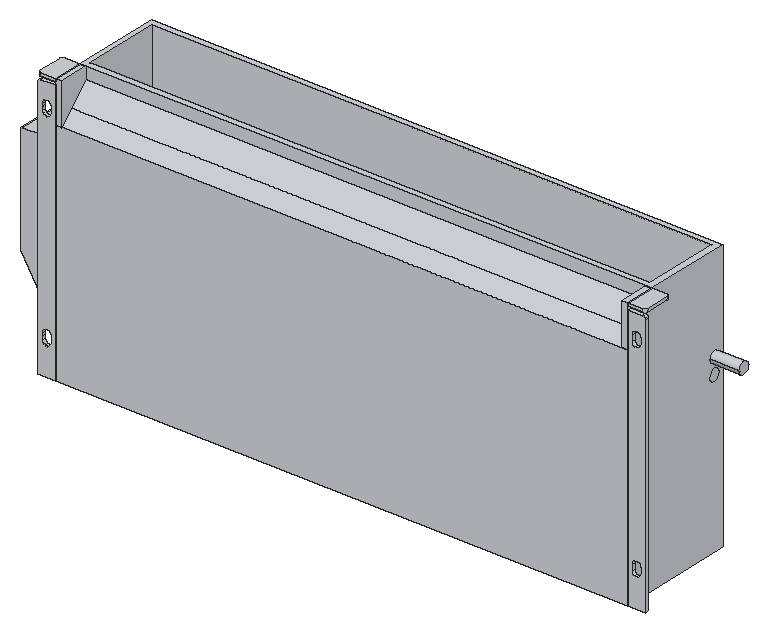
Revit family "Midea_FCU_two pipe 2th Ceiling&Floor MKH3-350(500)R3(R4)(DC50,60Hz)-Floor", category Mechanical Equipment, Revit 2013
Parameters (values of type "MKH3-500-R4")
  clearance access up = 1500.000 mm
  clearance access right = 150.000 mm
  clearance access left = 150.000 mm
  clearance access down = 90.000 mm
  clearance access behind = 50.000 mm
  clearance [instance] = no
  Width = 495.000 mm
  Series = "FCU"
  Rated current = 0.4 A
  Power supply = "220-240V ~50Hz/60Hz"
  Power Input(H/M/L) = "91/54/35 W"
  Panel color = "-"
  Net Weight = 18.80 kg
  Model = "MKH3-500-R4"
  Manufacturer = "Midea"
  Machine material = Galvanized Steel
  Liquid pipe = 19.050 mm
  Installation = "Indoor installation"
  Height = 200.000 mm
  Heating Capacity(H/M/L) = "5.70/4.36/3.22 kW"
  Drain pipe = 18.500 mm
  Description = "High efficiency water cooled"
  Depth = 1240.000 mm
  Cooling Capacity(H/M/L) = "5.35/4.25/3.31 kW"
  Condensation = "water"
  Circuit breaker = 15 A
  Air Flow(H/M/L) = "800/574/404 m3/h"
Types (5, lengths in mm): name | Rated current | Power Input(H/M/L) | Net Weight | Model | Heating Capacity(H/M/L) | Cooling Capacity(H/M/L) | Air Flow(H/M/L)
  (no name) | 0.4 A | "91/54/35 W" | 18.80 kg | "MKH3-500-R4" | "5.70/4.36/3.22 kW" | "5.35/4.25/3.31 kW" | "800/574/404 m3/h"
  MKH3-350-R3 | 0.22 A | "51/32/19 W" | 17.30 kg | "MKH3-350-R3" | "3.70/2.97/2.25 kW" | "3.85/3.19/2.46 kW" | "595/447/319 m3/h"
  MKH3-350-R4 | 0.22 A | "51/32/19 W" | 18.20 kg | "MKH3-350-R4" | "4.10/3.25/2.39 kW" | "4.20/3.38/2.48 kW" | "595/450/319 m3/h"
  MKH3-500-R3 | 0.4 A | "91/54/34 W" | 17.90 kg | "MKH3-500-R3" | "4.35/3.44/2.62 kW" | "4.65/3.80/2.92 kW" | "790/560/392 m3/h"
  MKH3-500-R4 | 0.4 A | "91/54/35 W" | 18.80 kg | "MKH3-500-R4" | "5.70/4.36/3.22 kW" | "5.35/4.25/3.31 kW" | "800/574/404 m3/h"
Reference planes
  plane 1 "Center (Front/Back)": y = 0
  plane 2: z = 0
  plane 3 "Center (Left/Right)": x = 0
  plane 4: y = -200
  plane 5: z = 455
  plane 6: x = 539
  plane 7: x = -539
  plane 8: z = 445
  plane 9: z = 445
  plane 10: x = -485.993
  plane 11: z = 355
  plane 12: z = 90
Forms (mm)
  Extrusion 1, solid
    sketch origin (500, 500, 0) x (0, -1, 0) y (0, 0, -1)
      loop
        line (500, -455) -> (650, -455) -> (650, -435) -> (680, -405) -> (700, -385) -> (700, 0) -> (500, 0) -> (500, -455)
    from -970.993 to -10.993
  Extrusion 2, void
    sketch origin (0, 0, 0) x (0, 1, 0) y (0, 0, 1)
      loop
        line (-190, 10) -> (-10, 10) -> (-10, 455) -> (-140, 455) -> (-140, 430.858) -> (-190, 380.858) -> (-190, 10)
    from -461.701 to 478.258
  Extrusion 3, solid
    sketch origin (0, 0, 0) x (0, 1, 0) y (0, 0, 1)
      loop
        line (-200, 385) -> (-150, 435) -> (-150, 455) -> (-200, 455) -> (-200, 385)
    from 478.258 to 489.007
  Extrusion 4, solid
    sketch origin (0, 0, 0) x (0, 1, 0) y (0, 0, -1)
      loop
        line (-200, -385) -> (-200, -455) -> (-150, -455) -> (-150, -435) -> (-200, -385)
    from 461.701 to 470.993
  Extrusion 5, solid
    sketch origin (54, 0, 0) x (1, 0, 0) y (0, 1, 0)
      loop
        arc (-549.993, -150) -> (-553.529, -151.464) -> (-554.993, -155) r 5
        line (-554.993, -155) -> (-554.993, -195)
        arc (-554.993, -195) -> (-553.529, -198.536) -> (-549.993, -200) r 5
        line (-549.993, -200) -> (-524.993, -200) -> (-524.993, -150) -> (-549.993, -150)
      loop
        line (460.007, -150) -> (435.007, -150) -> (435.007, -200) -> (460.007, -200)
        arc (460.007, -200) -> (463.542, -198.536) -> (465.007, -195) r 5
        line (465.007, -195) -> (465.007, -155)
        arc (465.007, -155) -> (463.542, -151.464) -> (460.007, -150) r 5
    from 450 to 455
  Extrusion 6, solid
    sketch origin (54, 0, 0) x (1, 0, 0) y (0, 0, 1)
      loop
        line (435.007, 445) -> (435.007, 0) -> (465.007, 0) -> (465.007, 440)
        arc (465.007, 440) -> (463.542, 443.536) -> (460.007, 445) r 5
        line (460.007, 445) -> (435.007, 445)
      loop
        line (-524.993, 445) -> (-549.993, 445)
        arc (-549.993, 445) -> (-553.529, 443.536) -> (-554.993, 440) r 5
        line (-554.993, 440) -> (-554.993, 0) -> (-524.993, 0) -> (-524.993, 445)
      loop
        line (442.507, 410) -> (442.507, 400)
        arc (442.507, 400) -> (450.007, 392.5) -> (457.507, 400) r 7.5
        line (457.507, 400) -> (457.507, 405) -> (457.507, 410)
        arc (457.507, 410) -> (450.007, 417.5) -> (442.507, 410) r 7.5
      loop
        arc (-532.493, 410) -> (-539.993, 417.5) -> (-547.493, 410) r 7.5
        line (-547.493, 410) -> (-547.493, 405) -> (-547.493, 400)
        arc (-547.493, 400) -> (-539.993, 392.5) -> (-532.493, 400) r 7.5
        line (-532.493, 400) -> (-532.493, 410)
      loop
        arc (-532.493, 65) -> (-539.993, 72.5) -> (-547.493, 65) r 7.5
        line (-547.493, 65) -> (-547.493, 60) -> (-547.493, 55)
        arc (-547.493, 55) -> (-539.993, 47.5) -> (-532.493, 55) r 7.5
        line (-532.493, 55) -> (-532.493, 65)
      loop
        line (442.507, 65) -> (442.507, 55)
        arc (442.507, 55) -> (450.007, 47.5) -> (457.507, 55) r 7.5
        line (457.507, 55) -> (457.507, 60) -> (457.507, 65)
        arc (457.507, 65) -> (450.007, 72.5) -> (442.507, 65) r 7.5
    from 195 to 200
  Extrusion 7, solid
    sketch origin (-210.993, 0, 0) x (1, 0, 0) y (0, 0, 1)
      loop
        line (-260, 355) -> (-323, 355)
        arc (-323, 355) -> (-326.536, 353.536) -> (-328, 350) r 5
        line (-328, 350) -> (-328, 176.897)
        arc (-328, 176.897) -> (-327.633, 173.45) -> (-326.332, 170.236) r 12.496
        line (-326.332, 170.236) -> (-280.877, 91.519)
        arc (-280.877, 91.519) -> (-279.983, 90.487) -> (-278.708, 90) r 2.801
        line (-278.708, 90) -> (-260, 90) -> (-260, 355)
    from 30 to 190
  Extrusion 8, solid
    sketch origin (500, 500, 0) x (0, -1, 0) y (0, 0, -1)
      loop
        circle (519.525, -295.408) r 9.525
    from -10.993 to 39
  Extrusion 9, solid
    sketch origin (-500, 500, 0) x (0, -1, 0) y (0, 0, 1)
      loop
        circle (519.525, 295.408) r 9.525
    from -29.007 to 39
  Extrusion 10, solid
    sketch origin (500, 498.342, 0) x (0, -1, 0) y (0, 0, -1)
      loop
        circle (517.592, -267.659) r 9.25
    from -21.742 to -10.993
  Extrusion 11, solid
    sketch origin (-500, 498.342, 0) x (0, -1, 0) y (0, 0, 1)
      loop
        circle (517.592, 267.659) r 9.25
    from -38.299 to -29.007
Cuts and joins
  Extrusion 2 cuts Extrusion 1
Dimensions and locks
  aligned and locked: level to plane 2
Nested families
  nested 1: "Midea service space" at (-689, -200, 0), visible <- "clearance", type "Midea Service  Space"
    with Width 150.000 mm, Height 455.000 mm, Depth 200.000 mm
  nested 2: "Midea service space" at (539, -200, 0), visible <- "clearance", type "Midea Service  Space"
    with Width 150.000 mm, Height 455.000 mm, Depth 200.000 mm
  nested 3: "Midea service space" at (-539, 0, 0), visible <- "clearance", type "Midea Service  Space"
    with Width 1078.000 mm, Height 455.000 mm, Depth 50.000 mm
  nested 4: "Midea service space" at (-539, -200, 455), visible <- "clearance", type "Midea Service  Space"
    with Width 1078.000 mm, Height 1500.000 mm, Depth 200.000 mm
  nested 5: "Midea service space" at (-539, -200, -90), visible <- "clearance", type "Midea Service  Space"
    with Width 1078.000 mm, Height 90.000 mm, Depth 200.000 mm
Connectors
  piping at (-539, -19.525, 295.408)
    settings: on Extrusion 9, index 1, connector radius 3/8", flow factor 0, pipe flow 0 GPM, pressure drop 0.00 psi, fitting loss kfactor 0, connector angle 0.00°, fixture units 0, engagement length 0.000 mm, flow configuration 0, flow direction 0, fitting loss method 0, system type 7, joint type 0, gender type 0, connector reference index -1, connector utility 0, adjustable connector no, is connector primary yes, fitting loss table "", connector description ""
  piping at (-470.993, -19.25, 267.659)
    settings: on Extrusion 11, index 2, connector radius 0.36417", flow factor 0, pipe flow 0 GPM, pressure drop 0.00 psi, fitting loss kfactor 0, connector angle 0.00°, fixture units 0, engagement length 0.000 mm, flow configuration 0, flow direction 0, fitting loss method 0, system type 7, joint type 0, gender type 0, connector reference index -1, connector utility 0, adjustable connector no, is connector primary no, fitting loss table "", connector description ""
  piping at (539, -19.525, 295.408)
    settings: on Extrusion 8, index 3, connector radius 3/8", flow factor 0, pipe flow 0 GPM, pressure drop 0.00 psi, fitting loss kfactor 0, connector angle 0.00°, fixture units 0, engagement length 0.000 mm, flow configuration 0, flow direction 0, fitting loss method 0, system type 7, joint type 0, gender type 0, connector reference index -1, connector utility 0, adjustable connector no, is connector primary no, fitting loss table "", connector description ""
  piping at (489.007, -19.25, 267.659)
    settings: on Extrusion 10, index 4, connector radius 0.36417", flow factor 0, pipe flow 0 GPM, pressure drop 0.00 psi, fitting loss kfactor 0, connector angle 0.00°, fixture units 0, engagement length 0.000 mm, flow configuration 0, flow direction 0, fitting loss method 0, system type 7, joint type 0, gender type 0, connector reference index -1, connector utility 0, adjustable connector no, is connector primary no, fitting loss table "", connector description ""
  electrical at (-538.993, -110, 263.448)
    settings: on Extrusion 7, index 5, voltage 220 V, apparent load 0 VA, apparent load phase1 0 VA, apparent load phase2 0 VA, apparent load phase3 0 VA, power factor 1, load classification "Other", number of poles 1, system type 30, power factor state 1, is connector primary yes, connector utility no, sub classification motor no, connector description ""
Definition of nested family "Midea service space"
  Parameters (values of type "Midea Service  Space")
    Width [instance] = 500.000 mm
    Height [instance] = 500.000 mm
    Depth [instance] = 500.000 mm
  Reference planes
    plane 1 "Center (Front/Back)": y = 0
    plane 2: z = 0
    plane 3 "Center (Left/Right)": x = 0
    plane 4: z = 500
    plane 5: y = 500
    plane 6: x = 500
  Forms (mm)
    Extrusion 1, solid, material "Midea Service Space-HDY"
      sketch origin (0, 0, 0) x (1, 0, 0) y (0, 1, 0)
        loop
          line (0, 500) -> (0, 0) -> (500, 0) -> (500, 500) -> (0, 500)
      from 0 to 500
  Dimensions and locks
    "Width": plane 3 "Center (Left/Right)" to plane 6
    "Depth": plane 5 to plane 1 "Center (Front/Back)"
    "Height": level to plane 4
    aligned and locked: level to plane 2
    aligned and locked: plane 5 to Extrusion 1
    aligned and locked: Extrusion 1 to plane 6
    aligned and locked: Extrusion 1 to plane 3 "Center (Left/Right)"
    aligned and locked: plane 1 "Center (Front/Back)" to Extrusion 1
    aligned and locked: Extrusion 1 to plane 4
  Automatic sketch dimensions
    Extrusion 1 sketch curve to plane 3 "Center (Left/Right)" = 0.000 mm
    plane 1 "Center (Front/Back)" to Extrusion 1 sketch curve = 0.000 mm
    Extrusion 1 sketch curve to plane 6 = 0.000 mm
    Extrusion 1 sketch curve to plane 5 = 0.000 mm
